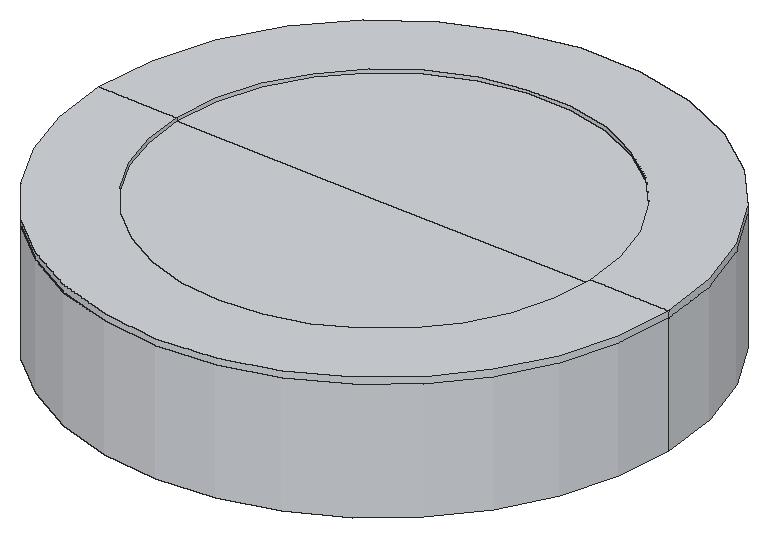
Revit family "ST eco Dl Flat & SylFlat _ SUR", category Lighting Fixtures, host Face, Revit 2017
Family settings
  Host = Face
  Round Connector Dimension = Use Diameter
  Part Type = Normal
  OmniClass Number = 23.80.70.00
  OmniClass Title = Lighting
  Cut with Voids When Loaded = No
  Light Source = Yes
  Shared = No
  Room Calculation Point = No
Parameters (values of type "0053947 ST E DOWNLIGHT FLT 172 1200 840 DIM SRFC")
  Weight = "4.87 kg"
  Wattage Comments = ""
  Wattage = 12 W
  WarrantyStartDate [instance] = "n/a"
  WarrantyGuarantorParts = "n/a"
  WarrantyDurationUnit = "n/a"
  WarrantyDurationParts = "n/a"
  WarrantyDescription = "n/a"
  built-in parameter 1150110 = 1 (stored number, unit not read)
  Voltage = 0 V
  URL = "http://www.sylvania-lighting.com"
  TypeName = "START eco Downlight Flat 172 1200lm 840 DIM Srfc"
  Type Image = <None>
  Type Comments = "n/a"
  built-in parameter 1114217 = 1 (stored number, unit not read)
  Tilt Angle = -90.00°
  built-in parameter 1150109 = 1 (stored number, unit not read)
  built-in parameter 1150134 = 12
  built-in parameter 1150113 = 1 (stored number, unit not read)
  SerialNumber [instance] = "n/a"
  SIZE_203_SYL = 0
  SIZE_155_SYL = 1
  R_DIFF_SYL = if(SIZE_155_SYL = 1, 62.5 mm, if(SIZE_203_SYL = 1, 88 mm, 62.5 mm))  # 62.5 mm
  R2_SYL = if(SIZE_155_SYL = 1, 77.5 mm, if(SIZE_203_SYL = 1, 101.5 mm, 77.5 mm))  # 77.5 mm
  R1_SYL = if(SIZE_155_SYL = 1, 86 mm, if(SIZE_203_SYL = 1, 113 mm, 86 mm))  # 86 mm
  Photometric Web File = "0053947.ies"
  LUM_MH_SYL = 37 mm
  LUM_HEIGHT_SYL = 15 mm - CHAMF_SYL  # 14 mm
  CLIP_SYL = 10 mm
  CLIP_HOLE_SYL = 2.5 mm
  CLIP_HOLE_HE_SYL = 8.5 mm
  CLIP_D_SYL = R2_SYL - 2.5 mm  # 75 mm
  CLIP_DIST_SYL = R2_SYL - 2.5 mm  # 75 mm
  CLIP_CUTOUT_SYL = 19 mm
  CHAMF_SYL = 1 mm
  Material_3_SYL = none
  PowerFactor = 0.9
  PowerConsumption = "12 W"
  NominalLength = 172 mm
  NominalHeight = 38 mm
  NominalDepth = 172 mm
  Name = "START eco Downlight Flat 172 1200lm 840 DIM Srfc"
  ModelReference = Name  # "START eco Downlight Flat 172 1200lm 840 DIM Srfc"
  ModelNumber = "0053947"
  Model = Name  # "START eco Downlight Flat 172 1200lm 840 DIM Srfc"
  Material = "aluminium housing, other diffuser"
  ManufacturerName = "Feilo Sylvania"
  Manufacturer = "Feilo Sylvania"
  LuminousEfficacy = "100 lm/W"
  built-in parameter 1150105 = 95.493 (stored number, unit not read)
  Lumens = 1200 lm
  LuminaireType = ""
  built-in parameter 1150115 = 1 (stored number, unit not read)
  LightOutputRatio = "n/a"
  built-in parameter 1150137 = (empty or 0)
  built-in parameter 1150139 = (empty or 0)
  LampsType = Lamp  # "LED"
  LampNominalLuminous = "1200 lm"
  LampMacAdamStep = "5"
  LampColourTemperature = "4000 K"
  LampColourRenderingIndex = "80"
  built-in parameter 1150112 = 1 (stored number, unit not read)
  built-in parameter 1150114 = 1 (stored number, unit not read)
  Lamp = "LED"
  Keynote = "16500"
  InstallationDate [instance] = "n/a"
  InputVoltage = "n/a"
  InputNominalFrequency = "n/a"
  built-in parameter 1150132 = (empty or 0)
  built-in parameter 1150102 = (empty or 0)
  built-in parameter 1150107 = 4000 (stored number, unit not read)
  built-in parameter 1150138 = (empty or 0)
  IngressProtection = "IP20"
  ImpactProtectionIndex = "IK06"
  built-in parameter 1150106 = 0.95493 (stored number, unit not read)
  IfcExportType = "IfcLightFixtureType"
  IfcExportAs = "IfcLightFixtureType"
  Emit from Circle Diameter = 609.6 mm
  Emit Shape Visible in Rendering = no
  ElectricShockClassification = "Class II"
  built-in parameter 1150104 = 9.2903 (stored number, unit not read)
  DocumentationLiterature = "http://www.sylvania-lighting.com/product/en-int/products/0053947"
  DimmingControlOptions = "n/a"
  Material_2_SYL = none
  Dimming Lamp Color Temperature Shift = <None>
  Description = "START eco Downlight Flat DIM Surface is an integrated LED surface mounted downlight with separated phase dimmable driver; 12W; 1200Lm; 100Lm/W; 4000K; IP20; 30,000hrs (L70B50)."
  Default Elevation = 1219.2 mm
  CreatedOn = "8/6/2020"
  CreatedBy = "@sylvania-lighting.com"
  Cost = 0
  Color Filter = 16777215
  built-in parameter 1114216 [instance] = (empty or 0)
  ClassificationValue = "EF_70_80"
  ClassificationName = "Uniclass2015"
  Material_1_SYL = none
  CHAMF_2_SYL = 1 mm
  BarCode [instance] = "n/a"
  built-in parameter 1114218 = 1 (stored number, unit not read)
  built-in parameter 1150133 = 10 (stored number, unit not read)
  AssetType = "Fixed"
  AssetIdentifier [instance] = "n/a"
  Assembly Code = "D5020200"
  Apparent Load = 12 VA
  Material_4_SYL = none
Types (4, lengths in mm): name | Weight | Wattage | TypeName | built-in parameter 1150134 | SIZE_203_SYL | SIZE_155_SYL | R_DIFF_SYL | R2_SYL | R1_SYL | Photometric Web File | CLIP_D_SYL | CLIP_DIST_SYL | PowerConsumption | NominalLength | NominalDepth | Name | ModelReference | ModelNumber | Model | Material | LuminousEfficacy | built-in parameter 1150105 | Lumens | LampNominalLuminous | LampColourTemperature | built-in parameter 1150107 | built-in parameter 1150106 | built-in parameter 1150104 | DocumentationLiterature | Description | Apparent Load
  0053947 ST E DOWNLIGHT FLT 172 1200 840 DIM SRFC | "4.87 kg" | 12 W | "START eco Downlight Flat 172 1200lm 840 DIM Srfc" | 12 | 0 | 1 | 62.5 | 77.5 | 86 | "0053947.ies" | 75 | 75 | "12 W" | 172 | 172 | "START eco Downlight Flat 172 1200lm 840 DIM Srfc" | "START eco Downlight Flat 172 1200lm 840 DIM Srfc" | "0053947" | "START eco Downlight Flat 172 1200lm 840 DIM Srfc" | "aluminium housing, other diffuser" | "100 lm/W" | 95.493 (stored number, unit not read) | 1200 lm | "1200 lm" | "4000 K" | 4000 (stored number, unit not read) | 0.95493 (stored number, unit not read) | 9.2903 (stored number, unit not read) | "http://www.sylvania-lighting.com/product/en-int/products/0053947" | "START eco Downlight Flat DIM Surface is an integrated LED surface mounted downlight with separated phase dimmable driver; 12W; 1200Lm; 100Lm/W; 4000K; IP20; 30,000hrs (L70B50)." | 12 VA
  0053946 ST E DOWNLIGHT FLT 226 1700 830 DIM SRFC | "6.87 kg" | 17 W | "START eco Downlight Flat 226 1700lm 830 DIM Srfc" | (empty or 0) | 1 | 0 | 88 | 101.5 | 113 | "0053946.ies" | 99 | 99 | "17 W" | 226 | 226 | "START eco Downlight Flat 226 1700lm 830 DIM Srfc" | "START eco Downlight Flat 226 1700lm 830 DIM Srfc" | "0053946" | "START eco Downlight Flat 226 1700lm 830 DIM Srfc" | "n/a" | "100 lm/W" | 135.28 (stored number, unit not read) | 1700 lm | "1700 lm" | "3000 K" | 3000 (stored number, unit not read) | 1.3528 (stored number, unit not read) | 9.2903 (stored number, unit not read) | "http://www.sylvania-lighting.com/product/en-int/products/0053946" | "START eco Downlight Flat DIM Surface is an integrated LED surface mounted downlight with separated phase dimmable driver; 17W; 1700Lm; 100Lm/W; 3000K; IP20; 30,000hrs (L70B50)." | 17 VA
  0053945 ST E DOWNLIGHT FLT 172 1100 830 DIM SRFC | "4.87 kg" | 12 W | "START eco Downlight Flat 172 1100lm 830 DIM Srfc" | (empty or 0) | 0 | 1 | 62.5 | 77.5 | 86 | "0053945.ies" | 75 | 75 | "12 W" | 172 | 172 | "START eco Downlight Flat 172 1100lm 830 DIM Srfc" | "START eco Downlight Flat 172 1100lm 830 DIM Srfc" | "0053945" | "START eco Downlight Flat 172 1100lm 830 DIM Srfc" | "aluminium housing, other diffuser" | "92 lm/W" | 87.854 (stored number, unit not read) | 1104 lm | "1100 lm" | "3000 K" | 3000 (stored number, unit not read) | 0.87854 (stored number, unit not read) | 8.5471 (stored number, unit not read) | "http://www.sylvania-lighting.com/product/en-int/products/0053945" | "START eco Downlight Flat DIM Surface is an integrated LED surface mounted downlight with separated phase dimmable driver; 12W; 1100Lm; 92Lm/W; 3000K; IP20; 30,000hrs (L70B50)." | 12 VA
  0053948 ST E DOWNLIGHT FLT 226 1750 840 DIM SRFC | "6.87 kg" | 17 W | "START eco Downlight Flat 226 1750lm 840 DIM Srfc" | 12 | 1 | 0 | 88 | 101.5 | 113 | "0053948.ies" | 99 | 99 | "17 W" | 226 | 226 | "START eco Downlight Flat 226 1750lm 840 DIM Srfc" | "START eco Downlight Flat 226 1750lm 840 DIM Srfc" | "0053948" | "START eco Downlight Flat 226 1750lm 840 DIM Srfc" | "n/a" | "103 lm/W" | 139.34 (stored number, unit not read) | 1751 lm | "1750 lm" | "4000 K" | 4000 (stored number, unit not read) | 1.3934 (stored number, unit not read) | 9.569 (stored number, unit not read) | "http://www.sylvania-lighting.com/product/en-int/products/0053948" | "START eco Downlight Flat DIM Surface is an integrated LED surface mounted downlight with separated phase dimmable driver; 17W; 1750Lm; 103Lm/W; 4000K; IP20; 30,000hrs (L70B50)." | 17 VA
Reference planes
  plane 1 "Center (Front/Back)": y = 0
  plane 2: z = 0
  plane 3 "Center (Left/Right)": x = 0
  plane 4: z = 1
  plane 5: z = -1
  plane 6: z = -14
  plane 7: x = 86
  plane 8: x = 62.5
  plane 9: x = 77.5
  plane 10: x = 0
  plane 11: x = -96
  plane 12: x = -77.5
  plane 13: y = 10
  plane 14: y = -10
  plane 15: x = 75
  plane 16: z = -19
  plane 17: z = -16.5
  plane 18: y = -8.5
  plane 19: y = 8.5
  plane 20: x = -75
  plane 21: z = -37
Forms (mm)
  Revolve 1, solid
    sketch origin (0, 0, 0) x (1, 0, 0) y (0, 0, 1)
      loop
        line (0, 0) -> (0, -14) -> (77.5, -14) -> (77.5, -1) -> (86, -1) -> (86, 1) -> (62.5, 1) -> (62.5, 0) -> (0, 0)
      axis (0, 1) -> (0, -14)
    angle from 360 to 0
  Extrusion 2, solid
    sketch origin (0, 0, 0) x (1, 0, 0) y (0, 1, 0)
      loop
        line (75, 10) -> (75, -10) -> (77.5, -10) -> (77.5, 10) -> (75, 10)
      loop
        line (-75, 10) -> (-77.5, 10) -> (-77.5, -10) -> (-75, -10) -> (-75, 10)
    from -20 to -1
  Extrusion 3, void
    sketch origin (319, 1524, 1219.2) x (0, 1, 0) y (0, 0, 1)
      loop
        line (-1515.5, -1238.2) -> (-1515.5, -1235.7) -> (-1532.5, -1235.7) -> (-1532.5, -1238.2) -> (-1515.5, -1238.2)
    from -440.059 to 10
  Revolve 4, solid
    sketch origin (0, 0, 0) x (1, 0, 0) y (0, 0, 1)
      loop
        line (86, -1) -> (77.5, -1) -> (77.5, -37) -> (86, -37) -> (86, -1)
      axis (0, -37) -> (0, -1)
    angle from 360 to 0
Cuts and joins
  Extrusion 3 cuts Extrusion 2
Dimensions and locks
  "LUM_HEIGHT_SYL": host face to plane 6
  "CHAMF_2_SYL": host face to plane 5
  "CHAMF_SYL": plane 4 to host face
  "R_DIFF_SYL": plane 8 to plane 3 "Center (Left/Right)"
  "R2_SYL": plane 3 "Center (Left/Right)" to plane 9
  "R1_SYL": plane 7 to plane 3 "Center (Left/Right)"
  "CLIP_SYL": plane 14 to plane 1 "Center (Front/Back)" to plane 13
  "CLIP_D_SYL": plane 10 to plane 15
  "R2_SYL": plane 10 to plane 9
  "CLIP_CUTOUT_SYL": host face to plane 16
  "CLIP_HOLE_SYL": plane 17 to plane 16
  "CLIP_HOLE_HE_SYL": plane 19 to plane 1 "Center (Front/Back)" to plane 18
  "R2_SYL": plane 12 to plane 10
  "CLIP_D_SYL": plane 20 to plane 3 "Center (Left/Right)"
  "LUM_MH_SYL": level to plane 21
  aligned and locked: plane 2 to host face
  aligned and locked: level to host face
  aligned and locked: Revolve 1 sketch curve to plane 3 "Center (Left/Right)"
  aligned and locked: plane 13 to Extrusion 2 sketch curve
  aligned and locked: Extrusion 2 sketch curve to plane 15
  aligned and locked: Extrusion 2 sketch curve to plane 14
  aligned and locked: plane 9 to Extrusion 2 sketch curve
  aligned and locked: Extrusion 3 sketch curve to plane 16
  aligned and locked: plane 19 to Extrusion 3 sketch curve
  aligned and locked: Extrusion 3 sketch curve to plane 17
  aligned and locked: Extrusion 3 sketch curve to plane 18
  aligned and locked: Extrusion 2 sketch curve to plane 13
  aligned and locked: Extrusion 2 sketch curve to plane 20
  aligned and locked: plane 14 to Extrusion 2 sketch curve
  aligned and locked: plane 12 to Extrusion 2 sketch curve
  aligned and locked: Revolve 4 sketch curve to Revolve 1  (x2)
  aligned and locked: plane 21 to Revolve 4 sketch curve
  aligned and locked: plane 9 to Revolve 4 sketch curve
  aligned and locked: Revolve 4 sketch curve to plane 10
Automatic sketch dimensions
  host sketch curve to host sketch curve = 2438.4 mm  (x2)
  Revolve 1 sketch curve to level = 0 mm
  Revolve 1 sketch curve to plane 3 "Center (Left/Right)" = 0 mm
  plane 8 to Revolve 1 sketch curve = 0 mm
  Revolve 1 sketch curve to plane 6 = 0 mm
  plane 9 to Revolve 1 sketch curve = 0 mm
  Revolve 1 sketch curve to plane 5 = 0 mm
  plane 7 to Revolve 1 sketch curve = 0 mm
  Revolve 1 sketch curve to plane 4 = 0 mm
  Revolve 1 sketch curve to plane 16 = 584.6 mm
  Revolve 1 sketch curve to plane 4 = 2608.058 mm
  plane 21 to Revolve 4 sketch curve = 267.8 mm
  Revolve 4 sketch curve to plane 4 = 303.8 mm
